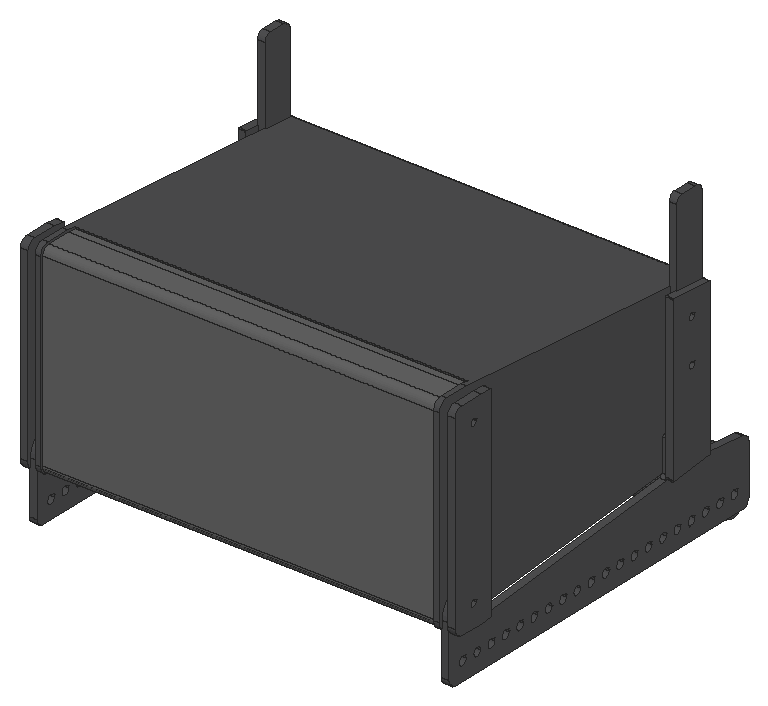
Revit family "Communication_Bosch_Speakers_X-Line Advance Install X2i", category Communication Devices, Revit 2018 (continued)
Definition of nested family "Bottom Element X2i"
  Definition of nested family "Bottom spreader bar"
    Forms (mm)
      Extrusion 2, solid, material <- "MaterialRal"
        sketch origin (0, 0, 41.7) x (0, -1, 0) y (0, 0, -1)
          loop
            line (12.7, 71.314) -> (12.7, 93.539)
            arc (12.7, 93.539) -> (11.772, 95.781) -> (9.531, 96.714) r 3.175
            line (9.531, 96.714) -> (-9.531, 96.714)
            arc (-9.531, 96.714) -> (-11.772, 95.781) -> (-12.7, 93.539) r 3.175
            line (-12.7, 93.539) -> (-12.7, 71.314) -> (-12.7, 28.931)
            arc (-12.7, 28.931) -> (-13.479, 27.051) -> (-15.359, 26.272) r 2.659
            line (-15.359, 26.272) -> (-33.637, 26.272)
            arc (-33.637, 26.272) -> (-37.173, 24.808) -> (-38.637, 21.272) r 5
            line (-38.637, 21.272) -> (-38.637, 15.825)
            arc (-38.637, 15.825) -> (-34.003, 4.635) -> (-22.813, 0) r 15.825
            line (-22.813, 0) -> (0, 0) -> (22.813, 0)
            arc (22.813, 0) -> (34.003, 4.635) -> (38.637, 15.825) r 15.825
            line (38.637, 15.825) -> (38.637, 21.272)
            arc (38.637, 21.272) -> (37.173, 24.808) -> (33.637, 26.272) r 5
            line (33.637, 26.272) -> (15.474, 26.272)
            arc (15.474, 26.272) -> (13.512, 27.085) -> (12.7, 29.046) r 2.774
            line (12.7, 29.046) -> (12.7, 71.314)
        from 339.25 to -339.25
    Cuts and joins
      Extrusion 1 cuts Extrusion 2
    Lines and regions (mm)
      reference lines
        curve 1: line (0, 0, 0) -> (0, -390, 0)
    Dimensions and locks
      "Spreader Bar Rotation Angle": angle plane 2 to curve 1
      aligned and locked: level to plane 2
      aligned and locked: plane 1 "Center (Front/Back)" to curve 1
      aligned and locked: plane 2 to curve 1
    Automatic sketch dimensions
      Extrusion 1 sketch curve to level = 20.927 mm  (x4)
      plane 3 "Center (Left/Right)" to Extrusion 1 sketch curve = 258.95 mm
      plane 3 "Center (Left/Right)" to Extrusion 1 sketch curve = 9.575 mm
      Extrusion 1 sketch curve to plane 3 "Center (Left/Right)" = 40.425 mm
      Extrusion 1 sketch curve to Extrusion 1 sketch curve = 220 mm
      Extrusion 2 sketch curve to curve 1 = 0 mm
      Extrusion 2 sketch curve to curve 1 = 41.7 mm
      Extrusion 2 sketch curve to curve 1 = 9.525 mm
      Extrusion 2 sketch curve to Extrusion 2 sketch curve = 0.006 mm  (x2)
      Extrusion 2 sketch curve to curve 1 = 12.7 mm
      Extrusion 2 sketch curve to Extrusion 2 sketch curve = 2.659 mm
      Extrusion 2 sketch curve to Extrusion 2 sketch curve = 7.454 mm
      Extrusion 2 sketch curve to Extrusion 2 sketch curve = 10.825 mm  (x2)
      Extrusion 2 sketch curve to Extrusion 2 sketch curve = 5 mm  (x2)
      curve 1 to Extrusion 2 sketch curve = 9.525 mm
      curve 1 to Extrusion 2 sketch curve = 12.7 mm
      Extrusion 2 sketch curve to Extrusion 2 sketch curve = 2.774 mm
      Extrusion 2 sketch curve to Extrusion 2 sketch curve = 7.339 mm
      Extrusion 2 sketch curve to Extrusion 2 sketch curve = 5.448 mm  (x2)
      curve 1 to Extrusion 2 sketch curve = 29.614 mm  (x2)
      curve 1 to Extrusion 2 sketch curve = 51.839 mm
      Extrusion 2 sketch curve to Extrusion 2 sketch curve = 3.175 mm
      Extrusion 2 sketch curve to Extrusion 2 sketch curve = 0 mm  (x3)
      radius of Extrusion 1 sketch curve = 10 mm  (x4)
  Definition of nested family "Bottom Element grid"
    Parameters (values of type "Bottom Element Grid")
      MaterialRal [instance] = none
      Default Elevation = 1219.2 mm
    Reference planes
      plane 1 "Center (Front/Back)": y = 0
      plane 2: z = 0
      plane 3 "Center (Left/Right)": x = 0
    Forms (mm)
      Extrusion 1, solid, material <- "MaterialRal"
        sketch origin (0, 0, 0) x (0, 1, 0) y (0, 0, 1)
          loop
            line (260.835, 150.633) -> (335.765, 157.848)
            arc (335.765, 157.848) -> (343.955, 161.958) -> (347.248, 170.508) r 12.7
            line (347.248, 170.508) -> (347.248, 255.742)
            arc (347.248, 255.742) -> (343.535, 264.735) -> (334.548, 268.461) r 12.7
            line (334.548, 268.461) -> (-267.659, 268.461)
            arc (-267.659, 268.461) -> (-276.64, 264.741) -> (-280.359, 255.761) r 12.7
            line (-280.359, 255.761) -> (-280.359, 167.803)
            arc (-280.359, 167.803) -> (-269.485, 141.55) -> (-243.233, 130.676) r 37.127
            line (-243.233, 130.676) -> (-217.585, 130.676) -> (-208.034, 184.841)
            arc (-208.034, 184.841) -> (-205.467, 187.909) -> (-201.575, 188.833) r 6.35
            line (-201.575, 188.833) -> (177.063, 155.707)
            arc (177.063, 155.707) -> (180.726, 154.129) -> (182.726, 150.677) r 6.35
            line (182.726, 150.677) -> (182.726, 96.828)
            arc (182.726, 96.828) -> (183.587, 94.462) -> (185.767, 93.204) r 3.68
            line (185.767, 93.204) -> (209.453, 89.027)
            arc (209.453, 89.027) -> (235.485, 94.741) -> (249.947, 117.129) r 35
            line (249.947, 117.129) -> (255.188, 145.466)
            arc (255.188, 145.466) -> (257.146, 148.996) -> (260.835, 150.633) r 6.35
          loop
            circle (212.534, 107.835) r 6.349
          loop
            circle (-245.73, 149.627) r 6.349
          loop
            circle (-252.134, 237.678) r 8
          loop
            circle (-222.134, 237.678) r 8
          loop
            circle (-192.134, 237.678) r 8
          loop
            circle (-162.134, 237.678) r 8
          loop
            circle (-132.134, 237.678) r 8
          loop
            circle (317.866, 237.678) r 8
          loop
            circle (287.866, 237.678) r 8
          loop
            circle (257.866, 237.678) r 8
          loop
            circle (227.866, 237.678) r 8
          loop
            circle (197.866, 237.678) r 8
          loop
            circle (167.866, 237.678) r 8
          loop
            circle (137.866, 237.678) r 8
          loop
            circle (107.866, 237.678) r 8
          loop
            circle (77.866, 237.678) r 8
          loop
            circle (47.866, 237.678) r 8
          loop
            circle (17.866, 237.678) r 8
          loop
            circle (-102.134, 237.678) r 8
          loop
            circle (-72.134, 237.678) r 8
          loop
            circle (-12.134, 237.678) r 8
          loop
            circle (-42.134, 237.678) r 8
        from 339.25 to 352.25
      Extrusion 2, solid, material <- "MaterialRal"
        sketch origin (-691.5, 0, 0) x (0, 1, 0) y (0, 0, 1)
          loop
            line (260.835, 150.633) -> (335.765, 157.848)
            arc (335.765, 157.848) -> (343.955, 161.958) -> (347.248, 170.508) r 12.7
            line (347.248, 170.508) -> (347.248, 255.742)
            arc (347.248, 255.742) -> (343.535, 264.735) -> (334.548, 268.461) r 12.7
            line (334.548, 268.461) -> (-267.659, 268.461)
            arc (-267.659, 268.461) -> (-276.64, 264.741) -> (-280.359, 255.761) r 12.7
            line (-280.359, 255.761) -> (-280.359, 167.803)
            arc (-280.359, 167.803) -> (-269.485, 141.55) -> (-243.233, 130.676) r 37.127
            line (-243.233, 130.676) -> (-217.585, 130.676) -> (-208.034, 184.841)
            arc (-208.034, 184.841) -> (-205.467, 187.909) -> (-201.575, 188.833) r 6.35
            line (-201.575, 188.833) -> (177.063, 155.707)
            arc (177.063, 155.707) -> (180.726, 154.129) -> (182.726, 150.677) r 6.35
            line (182.726, 150.677) -> (182.726, 96.828)
            arc (182.726, 96.828) -> (183.587, 94.462) -> (185.767, 93.204) r 3.68
            line (185.767, 93.204) -> (209.453, 89.027)
            arc (209.453, 89.027) -> (235.485, 94.741) -> (249.947, 117.129) r 35
            line (249.947, 117.129) -> (255.188, 145.466)
            arc (255.188, 145.466) -> (257.146, 148.996) -> (260.835, 150.633) r 6.35
          loop
            circle (212.534, 107.835) r 6.349
          loop
            circle (-245.73, 149.627) r 6.349
          loop
            circle (-252.134, 237.678) r 8
          loop
            circle (-222.134, 237.678) r 8
          loop
            circle (-192.134, 237.678) r 8
          loop
            circle (-162.134, 237.678) r 8
          loop
            circle (-132.134, 237.678) r 8
          loop
            circle (317.866, 237.678) r 8
          loop
            circle (287.866, 237.678) r 8
          loop
            circle (257.866, 237.678) r 8
          loop
            circle (227.866, 237.678) r 8
          loop
            circle (197.866, 237.678) r 8
          loop
            circle (167.866, 237.678) r 8
          loop
            circle (137.866, 237.678) r 8
          loop
            circle (107.866, 237.678) r 8
          loop
            circle (77.866, 237.678) r 8
          loop
            circle (47.866, 237.678) r 8
          loop
            circle (17.866, 237.678) r 8
          loop
            circle (-102.134, 237.678) r 8
          loop
            circle (-72.134, 237.678) r 8
          loop
            circle (-12.134, 237.678) r 8
          loop
            circle (-42.134, 237.678) r 8
        from 339.25 to 352.25
    Dimensions and locks
      aligned and locked: level to plane 2
Types (8, lengths in mm): name | top/Middle/Bottom Elements | XVisSpeaker | XVisErr | XMTI | XMPN | XCTN | XAccDesc | Top Element Distance | Product Description | Middle/Bottom element | Colour | Loud Speaker Top Position (01 spreader bar) | Top Grid Hole Number | CTN | Bottom Element Distance | Accessories Part Number
  X2I-212/90-B X2i 12" 90° Install array black | no | no | yes | 5 | "Configuration not possible" | "Configuration not possible" | "Configuration not possible" | 599.4 | "Configuration not possible" | no | RAL 9005 black | yes | 1 | "Configuration not possible" | 0 | "Configuration not possible"
  X2I-212/90-W X2i 12" 90° Install array white | no | no | yes | 8 | "Configuration not possible" | "Configuration not possible" | "Configuration not possible" | 599.4 | "Configuration not possible" | no | RAL 9003 white | yes | 1 | "Configuration not possible" | 0 | "Configuration not possible"
  X2I-212/90-FGB X2i 12" 90° Install array black FG | no | no | yes | 6 | "Configuration not possible" | "Configuration not possible" | "Configuration not possible" | 599.4 | "Configuration not possible" | no | RAL 9005 black | yes | 1 | "Configuration not possible" | 0 | "Configuration not possible"
  X2I-212/90-FGW X2i 12" 90° Install array white FG | no | no | yes | 7 | "Configuration not possible" | "Configuration not possible" | "Configuration not possible" | 599.4 | "Configuration not possible" | no | RAL 9003 white | yes | 1 | "Configuration not possible" | 0 | "Configuration not possible"
  X2I-212/120-B X2i 12" 120° Install array black | yes | yes | no | 1 | "None" | "X2I-212/120-B " | " X2i 12 in 120° Install array black" | 479.4 | " X2i 12 in 120° Install array black" | yes | RAL 9005 black | no | 5 | "X2I-212/120-B " | 29.4 | "None"
  X2I-212/120-W X2i 12" 120° Install array white | no | no | yes | 4 | "Configuration not possible" | "Configuration not possible" | "Configuration not possible" | 599.4 | "Configuration not possible" | no | RAL 9003 white | yes | 1 | "Configuration not possible" | 0 | "Configuration not possible"
  X2I-212/120-FGB X2i 12" 120° Install array black FG | no | no | yes | 2 | "Configuration not possible" | "Configuration not possible" | "Configuration not possible" | 509.4 | "Configuration not possible" | no | RAL 9005 black | yes | 4 | "Configuration not possible" | 0 | "Configuration not possible"
  X2I-212/120-FGW X2i 12" 120° Install array white FG | no | no | yes | 3 | "Configuration not possible" | "Configuration not possible" | "Configuration not possible" | 599.4 | "Configuration not possible" | no | RAL 9003 white | yes | 1 | "Configuration not possible" | 0 | "Configuration not possible"
